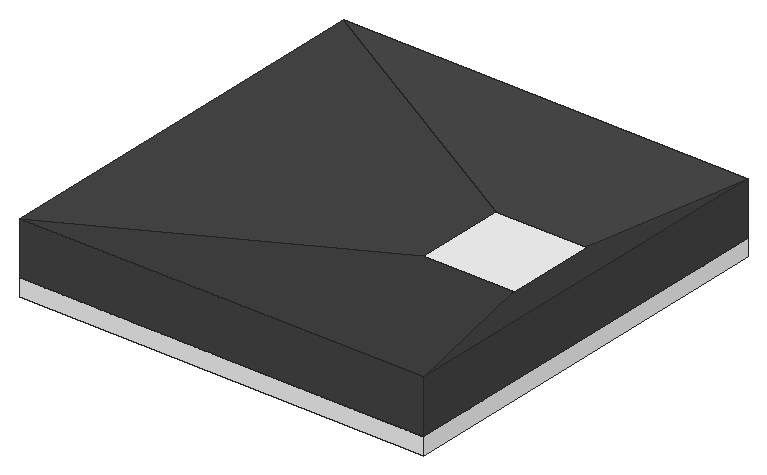
Revit family "Cambio Wall Systems - Lighting - Introvert", category Generic Models, host Face, Revit 2023
Family settings
  Host = Face
  Can host rebar = No
  Round Connector Dimension = Use Diameter
  Part Type = Normal
  Cut with Voids When Loaded = No
  Maintain Annotation Orientation = No
  Shared = No
  Room Calculation Point = No
Parameters (values of type "Panel Color - BLACK")
  Default Elevation = 4' - 0"
  Cambio Material = Cambio Lighting - Introvert - Black
Types (3): name | Cambio Material
  Panel Color - BLACK | Cambio Lighting - Introvert - Black
  Panel Color - BRONZE | Cambio Lighting - Extrovert - Bronze
  Panel Color - COPPER | Cambio Lighting - Extrovert - Copper
Reference planes (in)
  plane 1 "Center (Front/Back)": y = 0
  plane 2: z = 0
  plane 3 "Center (Left/Right)": x = 0
  plane 4: z = 3.125
Forms (in)
  Extrusion 1, solid, material "Default New Material"
    sketch origin (0, 0, 1) x (0, -1, 0) y (1, 0, 0)
      loop
        line (-9, -9) -> (9, -9) -> (9, 9) -> (-9, 9) -> (-9, -9)
    from -1 to -0.25
  Extrusion 2, solid, material "Cambio Lighting - Introvert - Black" <- "Cambio Material"
    sketch origin (0, 0, 0) x (1, 0, 0) y (0, 1, 0)
      loop
        line (-9, 9) -> (-9, -9) -> (9, -9) -> (9, 9) -> (-9, 9)
    from 0.75 to 3.125
  SweptBlend 3, void
    path origin (0, 0, 0) x (1, 0, 0) y (0, 0, 1)
      loop
        line (0, 3.125) -> (0, 0.75)
    profile origin (0, 0, 3.125) x (0, -1, 0) y (1, 0, 0)
      loop
        line (-9, -9) -> (9, -9) -> (9, 9) -> (-9, 9) -> (-9, -9)
    end profile origin (0, 0, 0.75) x (0, -1, 0) y (1, 0, 0)
      loop
        line (-5, 1) -> (-1, 1) -> (-1, 5) -> (-5, 5) -> (-5, 1)
Cuts and joins
  SweptBlend 3 cuts Extrusion 1
  SweptBlend 3 cuts Extrusion 2
Dimensions and locks (in)
  Extrusion 1 sketch curve to Extrusion 1 sketch curve = 1' - 6"  (x2)
  aligned and locked: plane 2 to host face
  aligned and locked: level to host face
